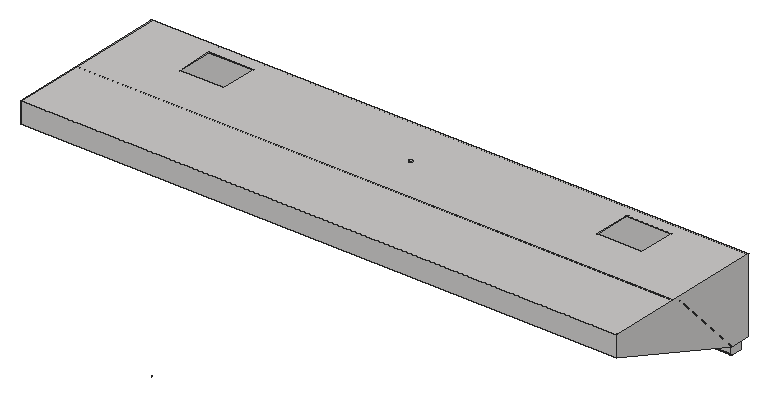
Revit family "QF_ELECTROLUXPROFESSIONAL_644198_AMPV1140BT", category Attrezzature speciali, Revit 2021
Family settings
  Quota connettore circolare = Usa diametro
  Tipo di parte = Normale
  Basato su piano di lavoro = No
  Sempre verticale = Sì
  Taglio con vuoti quando caricato = No
  Condiviso = No
  Punto di calcolo locali = No
Parameters (values of type "Standard")
  Weight = 122.00 kg
  Watts = 840 W
  Volts = 220 V
  URL Manufacturer = "https://www.electroluxprofessional.com/"
  URL = "https://www.electroluxprofessional.com/"
  Steam Supply Size = 0 mm
  Steam Supply Minimum Pressure = 0.0 Pa
  Steam Supply Maximum Pressure = 0.0 Pa
  Steam Consumption per Hour = 0
  Refrigeration Suction Line Size = 0 mm
  Refrigeration Liquid Line Size = 0 mm
  Refrigerant Compressor Remote = yes
  Prospetto di default = 0 mm
  Produttore = "Electrolux Professional"
  Phase = 1
  Modello = "AMPV1140BT"
  Length Actual = 4000 mm  # constant formula
  Item Number = "644198"
  Hot Water Size = 0 mm
  Height Actual = 500 mm  # constant formula
  HP = "1.1 HP"
  Gas Size = 0 mm
  Gas KW = 0
  Gas Input Pressure = 0 W
  Direct Waste Size = 0 mm
  Descrizione = "430 S/S WALL HOOD+FILTERS+FAN 4000X1100"
  Depth Actual = 1100 mm  # constant formula
  Cycle = 50 Hz
  Condensate Return Size = 0 mm
  Compressed Air Volume = 0.0 L/s
  Compressed Air Size = 0 mm
  Compressed Air Pressure = 0.0 Pa
  Cold Water Size = 0 mm
  Accessory = yes
Reference planes
  plane 1 "Center (Front/Back)": y = 0
  plane 2: z = 0
  plane 3 "Center (Left/Right)": x = 150
  plane 4 "LEFT": x = -1850
  plane 5 "RIGHT": x = 2150
  plane 6 "BACK": y = 550
  plane 7 "FRONT": y = -550
  plane 8 "Plane": z = 2000
  plane 9 "TOP": z = 2140
  plane 10 "Base": z = 1640
  plane 11: z = 1566
  plane 12 "DrainY": y = 485
  plane 13: x = -1847
  plane 14: through (0, 414.509, 1640.8) normal (0, 0.7314, 0.682)
  plane 15: y = 470
  plane 16: y = 220
  plane 17 "DrainX": x = 2030
  plane 18: x = -1100
  plane 19: x = 1400
  plane 20: x = -1400
  plane 21: x = 1700
  plane 22: x = 2147
  plane 23: x = 1940
  plane 24: x = 2120
  plane 25: x = -1810
  plane 26: x = -1445
  plane 27: x = -1050
  plane 28: x = 2110
  plane 29: x = 1745
  plane 30: x = 1350
  plane 31: x = -47.5
  plane 32: x = 347.5
Forms (mm)
  Extrusion 1, solid, material "QF_Finishes_Stainless Steel"
    sketch origin (-1850, 0, 0) x (0, 1, 0) y (0, 0, 1)
      loop
        line (550, 1640) -> (550, 2140) -> (-550, 2140) -> (-550, 1999.112) -> (413.973, 1640) -> (550, 1640)
    from 0 to 3
  Extrusion 2, solid, material "QF_Finishes_Stainless Steel"
    sketch origin (150, 0, 0) x (0, 1, 0) y (0, 0, 1)
      loop
        line (415.255, 1640) -> (550, 1640) -> (550, 2139.19) -> (549.2, 2139.19) -> (549.2, 1640.8) -> (415.876, 1640.8) -> (339.347, 1722.867) -> (349.609, 1732.436) -> (348.927, 1733.167) -> (337.934, 1722.917) -> (415.255, 1640)
      loop
        line (-82.203, 2139.19) -> (-82.203, 2118.6) -> (-31.047, 2118.6) -> (34.354, 2048.466) -> (46.028, 2059.352) -> (45.346, 2060.083) -> (34.403, 2049.879) -> (-30.612, 2119.6) -> (-81.203, 2119.6) -> (-81.203, 2139.19) -> (-82.203, 2139.19)
    from -1997 to 1997
  Extrusion 3, solid, material "QF_Finishes_Stainless Steel"
    sketch origin (2150, 0, 0) x (0, 1, 0) y (0, 0, 1)
      loop
        line (550, 1640) -> (550, 2140) -> (-550, 2140) -> (-550, 1999.112) -> (413.973, 1640) -> (550, 1640)
    from 0 to -3
  Extrusion 4, solid, material "QF_Finishes_Stainless Steel"
    sketch origin (150, 0, 0) x (0, 1, 0) y (0, 0, 1)
      loop
        line (-550, 2140) -> (-550, 2000) -> (-549.2, 2000) -> (-549.2, 2139.19) -> (550, 2139.19) -> (550, 2140) -> (-550, 2140)
    from -2000 to 2000
  Extrusion 5, solid, material "QF_Finishes_Stainless Steel"
    sketch origin (150, 0, 0) x (0, 1, 0) y (0, 0, 1)
      loop
        line (534, 1640) -> (436, 1640) -> (436, 1627) -> (443.5, 1627) -> (443.5, 1576)
        arc (443.5, 1576) -> (446.429, 1568.929) -> (453.5, 1566) r 10
        line (453.5, 1566) -> (516.5, 1566)
        arc (516.5, 1566) -> (523.571, 1568.929) -> (526.5, 1576) r 10
        line (526.5, 1576) -> (526.5, 1627) -> (534, 1627) -> (534, 1640)
    from 1790 to 1970
  Extrusion 6, solid, material "QF_Finishes_Stainless Steel"
    sketch origin (0, 0, 1640) x (0, 1, 0) y (-1, 0, 0)
      loop
        circle (485, -2030) r 20
    from -76 to -74
  Extrusion 7, solid, material "QF_Finished_Chrome"
    sketch origin (150, 0, 0) x (0, 1, 0) y (0, 0, 1)
      loop
        line (337.934, 1722.917) -> (341.591, 1726.327) -> (38.011, 2051.876) -> (34.354, 2048.466) -> (337.934, 1722.917)
    from -1595 to -1960
  Extrusion 8, solid, material "QF_Finished_Chrome"
    sketch origin (150, 0, 0) x (0, 1, 0) y (0, 0, 1)
      loop
        line (337.934, 1722.917) -> (341.591, 1726.327) -> (38.011, 2051.876) -> (34.354, 2048.466) -> (337.934, 1722.917)
    from -197.5 to -1200
  Extrusion 9, solid, material "QF_Finishes_Stainless Steel"
    sketch origin (150, 0, 0) x (0, 1, 0) y (0, 0, 1)
      loop
        line (337.934, 1722.917) -> (341.591, 1726.327) -> (38.011, 2051.876) -> (34.354, 2048.466) -> (337.934, 1722.917)
    from 1997 to 1960
  Extrusion 10, solid, material "QF_Finishes_Stainless Steel"
    sketch origin (150, 0, 0) x (0, 1, 0) y (0, 0, 1)
      loop
        line (341.588, 1726.324) -> (38.009, 2051.874) -> (34.354, 2048.466) -> (337.934, 1722.917) -> (341.588, 1726.324)
    from -1595 to -1200
  Extrusion 11, solid, material "QF_Finished_Chrome"
    sketch origin (150, 0, 0) x (0, 1, 0) y (0, 0, 1)
      loop
        line (341.588, 1726.324) -> (38.009, 2051.874) -> (34.354, 2048.466) -> (337.934, 1722.917) -> (341.588, 1726.324)
    from 1595 to 1960
  Extrusion 12, void
    sketch origin (0, 0, 2140) x (0, 1, 0) y (-1, 0, 0)
      loop
        line (470, 1400) -> (220, 1400) -> (220, 1100) -> (470, 1100) -> (470, 1400)
    from 0 to -10
  Extrusion 13, void
    sketch origin (940, 0, 2140) x (0, 1, 0) y (-1, 0, 0)
      loop
        line (470, -460) -> (220, -460) -> (220, -760) -> (470, -760) -> (470, -460)
    from 0 to -10
  Extrusion 14, solid, material "QF_Finishes_Stainless Steel"
    sketch origin (0, 0, 0) x (1, 0, 0) y (0, 1, 0)
      loop
        line (-1850, 550) -> (-1850, 549) -> (-1849, 549) -> (-1849, 550) -> (-1850, 550)
    from 0 to 1
  Extrusion 15, solid, material "QF_Finishes_Stainless Steel"
    sketch origin (150, 0, 0) x (0, 1, 0) y (0, 0, 1)
      loop
        line (337.934, 1722.917) -> (341.591, 1726.327) -> (38.011, 2051.876) -> (34.354, 2048.466) -> (337.934, 1722.917)
    from -1960 to -1997
  Extrusion 16, solid, material "QF_Finishes_Stainless Steel"
    sketch origin (150, 0, 0) x (0, 1, 0) y (0, 0, -1)
      loop
        line (341.588, -1726.324) -> (337.934, -1722.917) -> (34.354, -2048.466) -> (38.009, -2051.874) -> (341.588, -1726.324)
    from -1595 to -1200
  Extrusion 17, solid, material "QF_Finished_Chrome"
    sketch origin (150, 0, 0) x (0, 1, 0) y (0, 0, 1)
      loop
        line (337.934, 1722.917) -> (341.591, 1726.327) -> (38.011, 2051.876) -> (34.354, 2048.466) -> (337.934, 1722.917)
    from 1200 to 197.5
  Extrusion 18, solid, material "QF_Finishes_Stainless Steel"
    sketch origin (150, 0, 0) x (0, 1, 0) y (0, 0, -1)
      loop
        line (341.588, -1726.324) -> (337.934, -1722.917) -> (34.354, -2048.466) -> (38.009, -2051.874) -> (341.588, -1726.324)
    from -197.5 to 197.5
  Extrusion 19, solid, material "QF_Finishes_Stainless Steel"
    sketch origin (0, 0, 2140) x (0, 1, 0) y (-1, 0, 0)
      loop
        circle (220, -150) r 10
    from 0 to 1.6
Cuts and joins
  Extrusion 12, Extrusion 13 cuts Extrusion 4
  joined: Extrusion 2, Extrusion 4
Lines and regions (mm)
  reference lines
    curve 1: line (150, 34.354, 2048.466) -> (150, 34.354, 1888.466)
  symbolic lines, style "SpecialityEquipment", detail levels coarse
    curve 2: line (2150, 550, 2140) -> (-1850, 550, 2140)
    curve 3: line (-1850, 550, 2140) -> (-1850, -550, 2140)
    curve 4: line (2150, -550, 2140) -> (2150, 550, 2140)
    curve 5: line (-1850, -550, 2140) -> (2150, -550, 2140)
    curve 6: line (-1400, 220, 2140) -> (-1100, 220, 2140)
    curve 7: line (-1400, 470, 2140) -> (-1400, 220, 2140)
    curve 8: line (-1100, 470, 2140) -> (-1400, 470, 2140)
    curve 9: line (-1100, 220, 2140) -> (-1100, 470, 2140)
    curve 10: line (1400, 470, 2140) -> (1400, 220, 2140)
    curve 11: line (1400, 220, 2140) -> (1700, 220, 2140)
    curve 12: line (1700, 470, 2140) -> (1400, 470, 2140)
    curve 13: line (1700, 220, 2140) -> (1700, 470, 2140)
    curve 14: line (-1850, -550, 0) -> (2150, 550, 0)
    curve 15: line (2150, -550, 0) -> (-1850, 550, 0)
Dimensions and locks
  plane 4 "LEFT" to plane 5 "RIGHT" = 4000 mm
  equal spacing: plane 4 "LEFT", plane 3 "Center (Left/Right)", plane 5 "RIGHT"
  locked: plane 8 "Plane" to level at 2000
  plane 9 "TOP" to plane 8 "Plane" = 140 mm
  locked: plane 9 "TOP" to plane 10 "Base" at 500
  plane 10 "Base" to plane 11 = 74 mm
  plane 6 "BACK" to plane 12 "DrainY" = 65 mm  (x2)
  plane 4 "LEFT" to plane 13 = 3 mm
  plane 6 "BACK" to plane 15 = 80 mm
  plane 15 to plane 16 = 250 mm  (x2)
  plane 17 "DrainX" to plane 5 "RIGHT" = 120 mm
  locked: plane 18 to plane 19 at 2500
  equal spacing: plane 18, plane 3 "Center (Left/Right)", plane 19
  plane 20 to plane 18 = 300 mm
  plane 19 to plane 21 = 300 mm
  plane 22 to plane 5 "RIGHT" = 3 mm
  locked: plane 23 to plane 17 "DrainX" at 90
  locked: plane 17 "DrainX" to plane 24 at 90
  plane 6 "BACK" to plane 7 "FRONT" = 1100 mm  (x2)
  equal spacing: plane 6 "BACK", plane 1 "Center (Front/Back)", plane 7 "FRONT"
  plane 16 to plane 7 "FRONT" = 770 mm
  plane 15 to plane 6 "BACK" = 80 mm
  locked: plane 4 "LEFT" to plane 25 at 40
  locked: plane 25 to plane 26 at 365
  locked: plane 26 to plane 27 at 395
  locked: plane 28 to plane 29 at 365
  locked: plane 29 to plane 30 at 395
  locked: plane 28 to plane 5 "RIGHT" at 40
  locked: plane 31 to plane 32 at 395
  equal spacing: plane 31, plane 3 "Center (Left/Right)", plane 32
  plane 27 to plane 31 = 1002.5 mm
  plane 32 to plane 30 = 1002.5 mm
  aligned and locked: level to plane 2
  aligned and locked: Extrusion 2 to Extrusion 1
  aligned and locked: Extrusion 2 to Extrusion 3
  aligned and locked: plane 5 "RIGHT" to Extrusion 4
  aligned and locked: Extrusion 4 to plane 4 "LEFT"
  aligned and locked: plane 22 to Extrusion 9
  aligned and locked: plane 20 to Extrusion 12
  aligned and locked: Extrusion 12 to plane 18
  aligned and locked: Extrusion 12 to plane 16
  aligned and locked: Extrusion 12 to plane 15
  aligned and locked: Extrusion 13 to plane 21
  aligned and locked: plane 19 to Extrusion 13
  aligned and locked: Extrusion 2 to Extrusion 4
  aligned and locked: plane 24 to Extrusion 5
  aligned and locked: Extrusion 5 to plane 23
  aligned and locked: Extrusion 9 to plane 28
  aligned and locked: Extrusion 11 to plane 28
  aligned and locked: Extrusion 11 to plane 29
  aligned and locked: Extrusion 8 to plane 27
  aligned and locked: plane 27 to Extrusion 10
  aligned and locked: Extrusion 10 to plane 26
  aligned and locked: plane 26 to Extrusion 7
  aligned and locked: Extrusion 7 to plane 25
  aligned and locked: Extrusion 15 to plane 13
  aligned and locked: plane 25 to Extrusion 15
  aligned and locked: Extrusion 16 to plane 30
  aligned and locked: Extrusion 16 to plane 29
  aligned and locked: Extrusion 3 to plane 22
  aligned and locked: plane 31 to Extrusion 8
  aligned and locked: Extrusion 17 to plane 30
  aligned and locked: Extrusion 17 to plane 32
  aligned and locked: plane 32 to Extrusion 18
  aligned and locked: Extrusion 18 to plane 31
Automatic sketch dimensions
  curve 5 to plane 4 "LEFT" = 0 mm
  curve 5 to plane 7 "FRONT" = 0 mm
  curve 9 to plane 16 = 0 mm
  curve 10 to plane 16 = 0 mm
  plane 15 to curve 8 = 0 mm
  plane 15 to curve 12 = 0 mm
  curve 3 to plane 6 "BACK" = 0 mm
  curve 5 to plane 5 "RIGHT" = 0 mm
  curve 11 to plane 21 = 0 mm
  curve 10 to plane 19 = 0 mm
  curve 6 to plane 18 = 0 mm
  curve 6 to plane 20 = 0 mm
  Extrusion 1 sketch curve to plane 7 "FRONT" = 0 mm
  Extrusion 1 sketch curve to plane 10 "Base" = 0 mm
  Extrusion 1 sketch curve to plane 6 "BACK" = 0 mm
  Extrusion 1 sketch curve to plane 9 "TOP" = 0 mm
  plane 15 to Extrusion 1 sketch curve = 56.027 mm
  Extrusion 1 sketch curve to plane 8 "Plane" = 0.888 mm
  Extrusion 2 sketch curve to plane 14 = 0 mm  (x3)
  Extrusion 2 sketch curve to plane 10 "Base" = 0 mm
  plane 14 to Extrusion 2 sketch curve = 0 mm
  Extrusion 2 sketch curve to plane 6 "BACK" = 0 mm
  Extrusion 2 sketch curve to Extrusion 2 sketch curve = 65.646 mm
  Extrusion 2 sketch curve to Extrusion 2 sketch curve = 0.682 mm  (x2)
  Extrusion 2 sketch curve to Extrusion 2 sketch curve = 10.261 mm
  plane 10 "Base" to Extrusion 2 sketch curve = 82.917 mm
  Extrusion 2 sketch curve to plane 1 "Center (Front/Back)" = 46.028 mm
  Extrusion 2 sketch curve to Extrusion 2 sketch curve = 10.942 mm
  Extrusion 2 sketch curve to Extrusion 2 sketch curve = 0.049 mm
  Extrusion 2 sketch curve to plane 9 "TOP" = 20.4 mm
  Extrusion 2 sketch curve to plane 9 "TOP" = 21.4 mm
  Extrusion 2 sketch curve to plane 9 "TOP" = 0.81 mm  (x2)
  Extrusion 2 sketch curve to Extrusion 2 sketch curve = 50.156 mm
  Extrusion 2 sketch curve to Extrusion 2 sketch curve = 1 mm
  plane 10 "Base" to Extrusion 2 sketch curve = 0.8 mm
  Extrusion 2 sketch curve to plane 6 "BACK" = 0.8 mm
  Extrusion 3 sketch curve to plane 7 "FRONT" = 0 mm
  Extrusion 3 sketch curve to plane 10 "Base" = 0 mm
  Extrusion 3 sketch curve to plane 6 "BACK" = 0 mm
  Extrusion 3 sketch curve to plane 9 "TOP" = 0 mm
  plane 15 to Extrusion 3 sketch curve = 56.027 mm
  Extrusion 3 sketch curve to plane 8 "Plane" = 0.888 mm
  Extrusion 4 sketch curve to plane 7 "FRONT" = 0 mm
  Extrusion 4 sketch curve to plane 8 "Plane" = 0 mm
  Extrusion 4 sketch curve to plane 6 "BACK" = 0 mm
  Extrusion 4 sketch curve to plane 9 "TOP" = 0 mm
  plane 7 "FRONT" to Extrusion 4 sketch curve = 0.8 mm
  Extrusion 4 sketch curve to plane 9 "TOP" = 0.81 mm
  curve 1 to plane 14 = 0 mm
  curve 1 to plane 1 "Center (Front/Back)" = 34.354 mm
  curve 1 to plane 8 "Plane" = 111.534 mm
  Extrusion 5 sketch curve to plane 10 "Base" = 0 mm
  Extrusion 5 sketch curve to plane 11 = 0 mm
  Extrusion 5 sketch curve to plane 10 "Base" = 13 mm  (x2)
  plane 15 to Extrusion 5 sketch curve = 34 mm
  Extrusion 5 sketch curve to Extrusion 5 sketch curve = 7.5 mm  (x2)
  Extrusion 5 sketch curve to Extrusion 5 sketch curve = 10 mm
  plane 12 "DrainY" to Extrusion 5 sketch curve = 31.5 mm
  Extrusion 5 sketch curve to plane 6 "BACK" = 23.5 mm
  Extrusion 6 sketch curve to plane 12 "DrainY" = 0 mm
  Extrusion 6 sketch curve to plane 17 "DrainX" = 0 mm
  Extrusion 7 sketch curve to plane 14 = 0 mm  (x2)
  Extrusion 7 sketch curve to plane 1 "Center (Front/Back)" = 34.354 mm
  Extrusion 7 sketch curve to Extrusion 7 sketch curve = 3.657 mm
  plane 10 "Base" to Extrusion 7 sketch curve = 82.917 mm
  Extrusion 8 sketch curve to plane 14 = 0 mm  (x2)
  Extrusion 8 sketch curve to plane 1 "Center (Front/Back)" = 34.354 mm
  Extrusion 8 sketch curve to Extrusion 8 sketch curve = 3.657 mm
  plane 10 "Base" to Extrusion 8 sketch curve = 82.917 mm
  Extrusion 9 sketch curve to plane 14 = 0 mm  (x2)
  Extrusion 9 sketch curve to plane 1 "Center (Front/Back)" = 34.354 mm
  Extrusion 9 sketch curve to Extrusion 9 sketch curve = 3.657 mm
  plane 10 "Base" to Extrusion 9 sketch curve = 82.917 mm
  Extrusion 10 sketch curve to plane 14 = 0 mm  (x2)
  Extrusion 10 sketch curve to plane 1 "Center (Front/Back)" = 34.354 mm
  Extrusion 10 sketch curve to Extrusion 10 sketch curve = 3.655 mm
  plane 10 "Base" to Extrusion 10 sketch curve = 82.917 mm
  Extrusion 11 sketch curve to plane 14 = 0 mm  (x2)
  Extrusion 11 sketch curve to plane 1 "Center (Front/Back)" = 34.354 mm
  Extrusion 11 sketch curve to Extrusion 11 sketch curve = 3.655 mm
  plane 10 "Base" to Extrusion 11 sketch curve = 82.917 mm
  Extrusion 12 sketch curve to plane 16 = 0 mm
  plane 15 to Extrusion 12 sketch curve = 0 mm
  Extrusion 12 sketch curve to plane 18 = 0 mm
  Extrusion 12 sketch curve to plane 20 = 0 mm
  Extrusion 13 sketch curve to plane 16 = 0 mm
  plane 15 to Extrusion 13 sketch curve = 0 mm
  Extrusion 13 sketch curve to plane 21 = 0 mm
  Extrusion 13 sketch curve to plane 19 = 0 mm
  Extrusion 14 sketch curve to plane 4 "LEFT" = 0 mm
  Extrusion 14 sketch curve to plane 6 "BACK" = 0 mm
  plane 4 "LEFT" to Extrusion 14 sketch curve = 1 mm
  Extrusion 14 sketch curve to Extrusion 14 sketch curve = 1 mm
  Extrusion 15 sketch curve to plane 14 = 0 mm  (x2)
  Extrusion 15 sketch curve to plane 1 "Center (Front/Back)" = 34.354 mm
  Extrusion 15 sketch curve to Extrusion 15 sketch curve = 3.657 mm
  plane 10 "Base" to Extrusion 15 sketch curve = 82.917 mm
  Extrusion 16 sketch curve to plane 14 = 0 mm  (x2)
  Extrusion 16 sketch curve to plane 1 "Center (Front/Back)" = 34.354 mm
  Extrusion 16 sketch curve to Extrusion 16 sketch curve = 3.655 mm
  plane 10 "Base" to Extrusion 16 sketch curve = 82.917 mm
  Extrusion 17 sketch curve to plane 14 = 0 mm  (x2)
  Extrusion 17 sketch curve to plane 1 "Center (Front/Back)" = 34.354 mm
  Extrusion 17 sketch curve to Extrusion 17 sketch curve = 3.657 mm
  plane 10 "Base" to Extrusion 17 sketch curve = 82.917 mm
  Extrusion 18 sketch curve to plane 14 = 0 mm  (x2)
  Extrusion 18 sketch curve to plane 1 "Center (Front/Back)" = 34.354 mm
  Extrusion 18 sketch curve to Extrusion 18 sketch curve = 3.655 mm
  plane 10 "Base" to Extrusion 18 sketch curve = 82.917 mm
  curve 15 to plane 4 "LEFT" = 0 mm
  curve 14 to plane 4 "LEFT" = 0 mm
  curve 15 to plane 5 "RIGHT" = 0 mm
  curve 14 to plane 5 "RIGHT" = 0 mm
  curve 15 to plane 7 "FRONT" = 0 mm
  curve 14 to plane 7 "FRONT" = 0 mm
  curve 15 to plane 6 "BACK" = 0 mm
  curve 14 to plane 6 "BACK" = 0 mm
  Extrusion 19 sketch curve to plane 3 "Center (Left/Right)" = 0 mm
  Extrusion 19 sketch curve to plane 16 = 0 mm
  radius of Extrusion 6 sketch curve = 20 mm
  radius of Extrusion 19 sketch curve = 10 mm
Connectors
  piping at (2030, 485, 1564), diameter 20
    settings: on Extrusion 6, index 1, connector inside diameter 609.6 mm, connector length 0 mm, flow factor 0, pipe flow 0.0 L/s, pressure drop 0.0 Pa, fitting loss kfactor 0, connector angle 0.00°, fixture units 0, engagement length 0 mm, angle of deflection 0.00°, flow configuration 1, flow direction 2, fitting loss method 0, system type 16, joint type 0, gender type 0, connector reference index -1, connector utility 0, adjustable connector no, is connector primary yes, connector description "Drain"
  hvac at (-1250, 345, 2140)
    settings: on Extrusion 12, index 2, duct flow 0.0 L/s, flow factor 0, pres drop 0.0 Pa, loss coef 0, conn angle 0.00°, conn width 250 mm, conn height 300 mm, conn diameter 609.6 mm, duct sys type 3, conn prof type 1, flow config 1, flow direction 2, loss method 0, conn ref index -1, conn util no, is conn primary yes, conn desc "EXHAUST OUTLET"
  hvac at (1550, 345, 2140)
    settings: on Extrusion 13, index 3, duct flow 0.0 L/s, flow factor 0, pres drop 0.0 Pa, loss coef 0, conn angle 0.00°, conn width 250 mm, conn height 300 mm, conn diameter 609.6 mm, duct sys type 3, conn prof type 1, flow config 1, flow direction 2, loss method 0, conn ref index -1, conn util no, is conn primary no, conn desc "EXHAUST OUTLET"
  electrical at (150, 220, 2140), driven by "Volts"
    settings: on Extrusion 19, index 4, voltage 220 V, apparent load 0 VA, apparent load phase1 0 VA, apparent load phase2 0 VA, apparent load phase3 0 VA, power factor 1, load classification "Other", number of poles 1, system type 30, power factor state 1, is connector primary yes, connector utility no, sub classification motor no, connector description "Electrical Connection"
